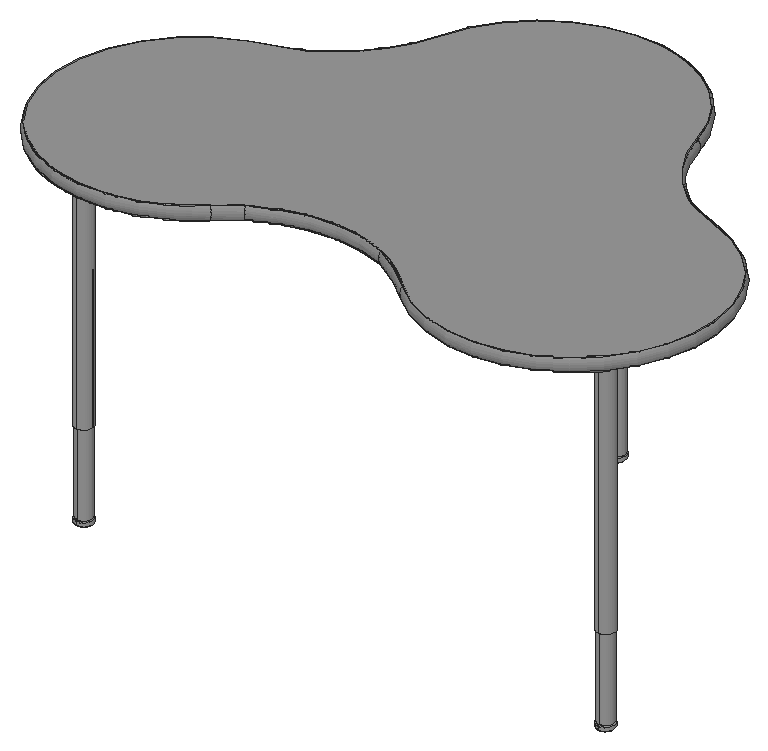
Revit family "Cloud 9 Large - Shapes", category Generic Models, Revit 2018
Family settings
  Can host rebar = No
  Round Connector Dimension = Use Diameter
  Part Type = Normal
  Work Plane-Based = No
  Always vertical = Yes
  Cut with Voids When Loaded = No
  Shared = No
  Room Calculation Point = No
Parameters
  Table Height = 2' - 5 1/2"
  Surface = Cloud Large S Surface
  Leg Finish = Shapes Leg Platinum
  Edgeband = Cloud Large S Edgeband
  Caster/Glider = Shapes Leg - Glider : Shapes Leg - Glider
Reference planes (in)
  plane 1 "Center (Front/Back)": y = 0
  plane 2: z = 0
  plane 3 "Center (Left/Right)": x = 0
  plane 4: z = 29.5
Dimensions and locks (in)
  "Table Height": plane 4 to level
  aligned and locked: plane 2 to level
  aligned and locked: nested 1 to plane 4
Nested families (in)
  nested 1: "Cloud 9 Large Tabletop" at (-0.68507, 1.73755, 1.70652), type "Cloud 9 Large Tabletop"
  nested 2: "Shapes Leg - Glider" at (0, 16.5, 0) x (0, 1, 0) z (0, 0, 1), Leg Height <- "Table Height", Shapes Leg Finish <- "Leg Finish", type "Shapes Leg - Glider"
    with Shapes Leg Finish Shapes Leg Platinum, Leg Height 2' - 5 1/2"
  nested 3: "Shapes Leg - Glider" at (22.25, -12.5, 0) x (0, 1, 0) z (0, 0, 1), Leg Height <- "Table Height", Shapes Leg Finish <- "Leg Finish", type <- "Caster/Glider", type "Shapes Leg - Glider"
    with Shapes Leg Finish Shapes Leg Platinum, Leg Height 2' - 5 1/2"
  nested 4: "Shapes Leg - Glider" at (-22.25, -12.5, 0) x (0, 1, 0) z (0, 0, 1), Leg Height <- "Table Height", Shapes Leg Finish <- "Leg Finish", type <- "Caster/Glider", type "Shapes Leg - Glider"
    with Shapes Leg Finish Shapes Leg Platinum, Leg Height 2' - 5 1/2"
Definition of nested family "Cloud 9 Large Tabletop"
  Parameters (values of type "Cloud 9 Large Tabletop")
    Surface = none
    Edgeband = none
  Reference planes (in)
    plane 1 "Center (Front/Back)": y = 0
    plane 2: z = 0
    plane 3 "Center (Left/Right)": x = 0
  Forms (in)
    Extrusion 1, solid, material <- "Surface"
      sketch origin (0, 0, 0) x (1, 0, 0) y (0, 1, 0)
        loop
          arc (11.82013, 9.38952) -> (1.99352, 17.87594) -> (-9.49462, 11.8258) r 11.52206
          arc (-9.49462, 11.8258) -> (-10.32529, 9.82984) -> (-11.07779, 7.8031) r 55.64011
          arc (-11.07779, 7.8031) -> (-12.77878, 5.30369) -> (-15.00527, 3.2584) r 13.16061
          arc (-15.00527, 3.2584) -> (-15.8577, 2.71151) -> (-16.76723, 2.26597) r 8.81741
          line (-16.76723, 2.26597) -> (-19.92081, 1.18975)
          arc (-19.92081, 1.18975) -> (-25.49357, -15.69049) -> (-7.84953, -17.85522) r 11.49604
          arc (-7.84953, -17.85522) -> (-6.99005, -17.11159) -> (-6.06265, -16.45461) r 11.73221
          arc (-6.06265, -16.45461) -> (-0.72474, -14.70542) -> (4.82942, -15.5447) r 12.14754
          arc (4.82942, -15.5447) -> (7.01176, -16.85007) -> (9.00142, -18.4337) r 19.10634
          arc (9.00142, -18.4337) -> (26.09987, -16.57176) -> (22.14018, 0.16576) r 11.4739
          arc (22.14018, 0.16576) -> (20.48211, 0.9544) -> (18.75706, 1.58319) r 19.45231
          arc (18.75706, 1.58319) -> (17.845, 1.94085) -> (16.96891, 2.37933) r 10.84878
          arc (16.96891, 2.37933) -> (16.62927, 2.60035) -> (16.298, 2.83374) r 10.99354
          arc (16.298, 2.83374) -> (13.4975, 5.72806) -> (11.82013, 9.38952) r 11.92531
      from 27.79348 to 28.91848
    Sweep 2, solid, material <- "Edgeband"
      path origin (0, 0, 0) x (1, 0, 0) y (0, 1, 0)
        loop
          arc (11.82013, 9.38952) -> (1.99352, 17.87594) -> (-9.49462, 11.8258) r 11.52206
          arc (-9.49462, 11.8258) -> (-10.32529, 9.82984) -> (-11.07779, 7.8031) r 55.64011
          arc (-11.07779, 7.8031) -> (-12.77878, 5.30369) -> (-15.00527, 3.2584) r 13.16061
          arc (-15.00527, 3.2584) -> (-15.8577, 2.71151) -> (-16.76723, 2.26597) r 8.81741
          line (-16.76723, 2.26597) -> (-19.92081, 1.18975)
          arc (-19.92081, 1.18975) -> (-25.49357, -15.69049) -> (-7.84953, -17.85522) r 11.49604
          arc (-7.84953, -17.85522) -> (-6.99005, -17.11159) -> (-6.06265, -16.45461) r 11.73221
          arc (-6.06265, -16.45461) -> (-0.72474, -14.70542) -> (4.82942, -15.5447) r 12.14754
          arc (4.82942, -15.5447) -> (7.01176, -16.85007) -> (9.00142, -18.4337) r 19.10634
          arc (9.00142, -18.4337) -> (26.09987, -16.57176) -> (22.14018, 0.16576) r 11.4739
          arc (22.14018, 0.16576) -> (20.48211, 0.9544) -> (18.75706, 1.58319) r 19.45231
          arc (18.75706, 1.58319) -> (17.845, 1.94085) -> (16.96891, 2.37933) r 10.84878
          arc (16.96891, 2.37933) -> (16.62927, 2.60035) -> (16.298, 2.83374) r 10.99354
          arc (16.298, 2.83374) -> (13.4975, 5.72806) -> (11.82013, 9.38952) r 11.92531
      profile origin (1.99352, 17.87594, 0) x (-0.113561, -0.993531, 0) y (0, 0, 1)
        loop
          line (0, 27.79348) -> (0, 28.91848)
          arc (0, 28.91848) -> (-0.01297, 28.90771) -> (-0.02375, 28.89474) r 0.09161
          arc (-0.02375, 28.89474) -> (-0.19072, 28.35598) -> (-0.02375, 27.81723) r 0.95266
          arc (-0.02375, 27.81723) -> (-0.01297, 27.80426) -> (0, 27.79348) r 0.09161
  Dimensions and locks (in)
    aligned and locked: plane 2 to level
Definition of nested family "Shapes Leg - Glider"
  Parameters (values of type "Shapes Leg - Glider")
    Shapes Leg Finish [instance] = none
    Leg Height [instance] = 2' - 4 1/2"
  Reference planes (in)
    plane 1 "Center (Front/Back)": y = 0
    plane 2: z = 0
    plane 3 "Center (Left/Right)": x = 0
  Forms (in)
    Extrusion 1, solid
      sketch origin (-0.01562, 0, 0) x (1, 0, 0) y (0, 1, 0)
        loop
          circle (0.01563, 0) r 0.64906
      from 0.50586 to 20.17439
  Dimensions and locks (in)
    "Leg Height": nested 2 to level
    aligned and locked: plane 2 to level
  Automatic sketch dimensions
    plane 1 "Center (Front/Back)" to Extrusion 1 sketch curve = 0' - 0"
    Extrusion 1 sketch curve to plane 3 "Center (Left/Right)" = 0' - 0"
    radius of Extrusion 1 sketch curve = 0' - 0.64906"
  Nested families (in)
    nested 1: "Glider" at (0, 0, 0), type "Glider"
    nested 2: "Shapes Upper Leg" at (0, 0, 0), Shapes Leg Finish <- "Shapes Leg Finish", type "Shapes Upper Leg"
      with Shapes Leg Finish none
  Definition of nested family "Glider"
    Reference planes (in)
      plane 1 "Center (Front/Back)": y = 0
      plane 2: z = 0
      plane 3 "Center (Left/Right)": x = 0
    Forms (in)
      Revolve 1, solid
        sketch origin (0, 0, 0) x (1, 0, 0) y (0, 0, 1)
          loop
            line (0.26614, 0.50586) -> (0, 0.50586) -> (0, 0.09994) -> (0.71656, 0.09994) -> (0.71656, 0.37634)
            arc (0.71656, 0.37634) -> (0.70181, 0.41548) -> (0.66511, 0.43552) r 0.06011
            arc (0.66511, 0.43552) -> (0.46609, 0.45951) -> (0.26614, 0.47365) r 4.06535
            line (0.26614, 0.47365) -> (0.26614, 0.50586)
          axis (0, 0.50586) -> (0, 0.09994)
        angle from 0 to 360
      Revolve 2, solid
        sketch origin (0, 0, 0) x (1, 0, 0) y (0, 0, 1)
          loop
            line (0.65534, 0.1212) -> (0, 0.1212) -> (0, 0) -> (0.57593, 0)
            arc (0.57593, 0) -> (0.63208, 0.02326) -> (0.65534, 0.07941) r 0.07941
            line (0.65534, 0.07941) -> (0.65534, 0.1212)
          axis (0, 0.1212) -> (0, 0)
        angle from 0 to 360
    Dimensions and locks (in)
      aligned and locked: plane 2 to level
  Definition of nested family "Shapes Upper Leg"
    Parameters (values of type "Shapes Upper Leg")
      Shapes Leg Finish [instance] = none
    Reference planes (in)
      plane 1 "Center (Front/Back)": y = 0
      plane 2: z = 0
      plane 3 "Center (Left/Right)": x = 0
    Forms (in)
      Extrusion 1, solid, material <- "Shapes Leg Finish"
        sketch origin (0, 0, 0) x (1, 0, 0) y (0, 1, 0)
          loop
            circle (0, 0) r 0.75
        from 6.5 to 28.5
    Dimensions and locks (in)
      aligned and locked: plane 2 to level
